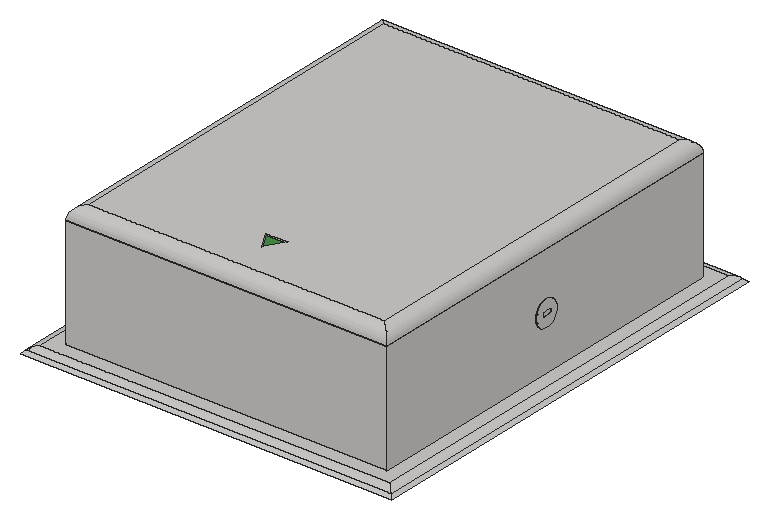
Revit family "Paper_Towel_Dispenser-Wall_Mounted-Bobrick-B-29744", category Specialty Equipment, host Face, Revit 2019
Family settings
  Host = Face
  Round Connector Dimension = Use Diameter
  Part Type = Normal
  OmniClass Number = 23.40.20.21
  OmniClass Title = Toilet and Bath Specialties
  Cut with Voids When Loaded = Yes
  Shared = No
  Room Calculation Point = No
Parameters (values of type "B-29744")
  Width = 14 5/8"
  URL = "https://www.bobrick.com/"
  Type Comments = "1-1/2\" to 2\" (38 to 51mm) diameter cores, up to 8\" (205mm) diameter, 8\" (205mm) wide, non-perforated, non-proprietary rolls. 800 ft (244 m) long."
  Shell Material = Stainless Steel-Bobrick-Satin
  Revised Date = "01/09/2023"  # constant formula
  Mounting Height Constraint = if(ADA, 63 17/32", Mounting Height)  # 63 17/32"
  Minimum Recessed Depth = 4"
  Product Page URL = "https://www.bobrick.com/products/washroom-accessories/washroom-accessories-catalog/product/b-29744/"
  Mounting Height = 63 17/32"
  Model = "B-29744"
  Material = "Stainless Steel-Bobrick-Satin"
  Manufacturer = "Bobrick Washroom Equipment, Inc."
  Keynote = ""
  Installation Type = "Recessed Wall Mounted"
  Height = 17 1/2"
  Flange Material = Stainless Steel-Bobrick-Satin
  Door Material = Stainless Steel-Bobrick-Satin
  Description = "Automatic, Universal Semi-Recessed Roll Towel Dispenser Equipped with LED Light"
  Default Elevation = 0"
  Capacity = "8\" Diameter 8\" Wide Paper Towel Roll"
  Cabinet Material = Stainless Steel-Bobrick-Satin
  Assembly Code = "C1030200"
  ADA Compliant = if(ADA, 1 > 0, 1 < 0)  # yes
  ADA = yes
  4 Alkaline “D” Cells (not included) = no
  3974-57 AC External Adapter (6V) = no
Reference planes (in)
  plane 1 "Center (Front/Back)": y = 13.80302
  plane 2: z = 0
  plane 3 "Center (Left/Right)": x = 0
  plane 4: x = -6.3125
  plane 5: x = 6.3125
  plane 6: z = 5.125
  plane 7: z = -4
  plane 8: y = 5.05302
  plane 9: y = 22.55302
  plane 10 "FF": y = -41.9626
  plane 11: y = 21.56865
  plane 12: x = -7.3125
  plane 13: x = 7.3125
  plane 14: y = 6.0374
Forms (in)
  Sweep 1, solid, material "Stainless Steel-Bobrick-Satin" <- "Cabinet Material"
    path origin (0, 0, 0) x (1, 0, 0) y (0, 1, 0)
      loop
        line (-7.3125, 5.05302) -> (7.3125, 5.05302) -> (7.3125, 22.55302) -> (-7.3125, 22.55302) -> (-7.3125, 5.05302)
    profile origin (-7.3125, 13.80302, 0) x (-1, 0, 0) y (0, 0, 1)
      loop
        line (0, 0) -> (-0.12093, 0.12093)
        arc (-0.12093, 0.12093) -> (-0.26389, 0.21646) -> (-0.43253, 0.25) r 0.44066
        line (-0.43253, 0.25) -> (-1, 0.25) -> (-1, 0) -> (0, 0)
      loop
        line (-1.03125, 0) -> (-5.07412, 0) -> (-5.07412, -0.43018) -> (-1.64561, -0.43018) -> (-1.03125, 0)
  Sweep 2, solid, material "Stainless Steel-Bobrick-Satin" <- "Cabinet Material"
    path origin (0, 0, 0) x (1, 0, 0) y (0, 1, 0)
      loop
        line (-6.3125, 6.05302) -> (6.3125, 6.05302) -> (6.3125, 21.56865) -> (-6.3125, 21.56865) -> (-6.3125, 6.05302)
    profile origin (-6.3125, 13.81084, 0) x (-1, 0, 0) y (0, 0, 1)
      loop
        line (0, 0) -> (0, 4.59065) -> (-0.04684, 4.59065) -> (-0.04684, 4.625) -> (0, 4.625)
        arc (0, 4.625) -> (-0.14645, 4.97855) -> (-0.5, 5.125) r 0.5
        line (-0.5, 5.125) -> (-1.5, 5.125) -> (-1.5, 0) -> (0, 0)
  Extrusion 3, solid, material "Stainless Steel-Bobrick-Satin" <- "Cabinet Material"
    sketch origin (0, 0, 0) x (1, 0, 0) y (0, 1, 0)
      loop
        line (-4.8125, 20.06865) -> (-4.8125, 7.55302) -> (4.8125, 7.55302) -> (4.8125, 20.06865) -> (-4.8125, 20.06865)
    from 0 to 5.125
  Extrusion 4, void
    sketch origin (0, 0, 0) x (1, 0, 0) y (0, 1, 0)
      loop
        line (-6.3125, 21.56865) -> (-6.3125, 6.0374) -> (6.3125, 6.0374) -> (6.3125, 21.56865) -> (-6.3125, 21.56865)
    from -4 to 0
  Extrusion 5, solid, material "Stainless Steel-Bobrick-Satin" <- "Flange Material"
    sketch origin (6.3125, 21.56865, 4.59065) x (0, -1, 0) y (0, 0, -1)
      loop
        circle (7.75781, 2.1875) r 0.5
      loop
        arc (7.60156, 2.29548) -> (7.49358, 2.1875) -> (7.60156, 2.07952) r 0.10798
        line (7.60156, 2.07952) -> (7.95621, 2.07952) -> (7.95621, 2.29548) -> (7.60156, 2.29548)
    from 0 to 0.06861
  Extrusion 6, void
    sketch origin (0, 0, 0) x (1, 0, 0) y (0, 1, 0)
      loop
        line (0, 7.7874) -> (0.43301, 8.5374) -> (-0.43301, 8.5374) -> (0, 7.7874)
    from 5.06805 to 5.125
Cuts and joins
  Extrusion 6 cuts Sweep 2
  Extrusion 6 cuts Extrusion 3
  joined: Sweep 2, Extrusion 3
  Extrusion 6 cuts Sweep 1
Lines and regions (in)
  Masking region 1
    outline origin (-6.3125, 21.56865, 4.59065) x (1, 0, 0) y (0, 0, -1)
      loop
        line (13.625, 4.59065) -> (-1, 4.59065) -> (-0.87814, 4.46879)
        arc (-0.87814, 4.46879) -> (-0.73621, 4.37395) -> (-0.56878, 4.34065) r 0.4375
        line (-0.56878, 4.34065) -> (0, 4.34065) -> (0, -0.03435)
        arc (0, -0.03435) -> (0.14645, -0.3879) -> (0.5, -0.53435) r 0.5
        line (0.5, -0.53435) -> (12.125, -0.53435)
        arc (12.125, -0.53435) -> (12.47855, -0.3879) -> (12.625, -0.03435) r 0.5
        line (12.625, -0.03435) -> (12.625, 1.6875) -> (12.69361, 1.6875) -> (12.69361, 2.6875) -> (12.625, 2.6875) -> (12.625, 4.34065) -> (13.19314, 4.34065)
        arc (13.19314, 4.34065) -> (13.36116, 4.37407) -> (13.50359, 4.46925) r 0.43905
        line (13.50359, 4.46925) -> (13.625, 4.59065)
  symbolic lines, detail levels medium+fine
    curve 1: line (-6.87997, 21.56865, 0.25) -> (6.87997, 21.56865, 0.25)
    curve 3: line (6.3125, 21.56865, 4.625) -> (-6.3125, 21.56865, 4.625)
  symbolic lines, detail levels fine
    curve 2: line (6.3125, 21.56865, 1.90315) -> (6.3125, 21.56865, 2.90315)
Dimensions and locks (in)
  equal spacing: plane 4, plane 3 "Center (Left/Right)", plane 5
  equal spacing: plane 9, plane 1 "Center (Front/Back)", plane 8
  "Height": plane 9 to plane 8
  locked: plane 6 to plane 7 at 9.125
  plane 6 to host face = 5 1/8"
  host face to plane 7 = 4"
  "Width": plane 12 to plane 13
  locked: plane 4 to plane 5 at 12.625
  equal spacing: plane 12, plane 3 "Center (Left/Right)", plane 13
  equal spacing: plane 11, plane 1 "Center (Front/Back)", plane 14
  locked: plane 14 to plane 11 at 15.53125
  "Mounting Height Constraint": plane 10 "FF" to plane 11
  aligned and locked: plane 2 to host face
  aligned and locked: level to host face
  aligned and locked: plane 12 to Sweep 1 sketch curve
  aligned and locked: plane 8 to Sweep 1 sketch curve
  aligned and locked: plane 13 to Sweep 1 sketch curve
  aligned and locked: Sweep 1 sketch curve to plane 9
  aligned and locked: plane 4 to Sweep 1 sketch curve
  aligned and locked: Sweep 2 sketch curve to Sweep 1  (x3)
  aligned and locked: plane 11 to Sweep 2 sketch curve
  aligned and locked: Extrusion 3 sketch curve to Sweep 2  (x4)
  aligned and locked: plane 6 to Extrusion 3
  aligned and locked: Extrusion 3 to level
  aligned and locked: plane 4 to Sweep 2 sketch curve
  aligned and locked: level to Sweep 2 sketch curve
  aligned and locked: Sweep 2 sketch curve to plane 6
  aligned and locked: plane 11 to Extrusion 4 sketch curve
  aligned and locked: plane 14 to Extrusion 4 sketch curve
  aligned and locked: plane 4 to Extrusion 4 sketch curve
  aligned and locked: Extrusion 4 sketch curve to plane 5
  aligned and locked: Extrusion 4 to plane 7
  aligned and locked: level to Extrusion 4
  aligned and locked: Masking region 1 sketch curve to Extrusion 5
  aligned and locked: curve 1 to cut or joined group of Sweep 1, Extrusion 6
  aligned and locked: curve 2 to Extrusion 5
  aligned and locked: Masking region 1 sketch curve to plane 6
  aligned and locked: curve 3 to cut or joined group of Sweep 2, Extrusion 3, Extrusion 6
Automatic sketch dimensions
  host sketch curve to host sketch curve = 96"  (x2)
  Sweep 1 sketch curve to level = 0"  (x2)
  Sweep 1 sketch curve to profile plane = 0"
  Sweep 1 sketch curve to Sweep 1 sketch curve = 1/32"
  Sweep 1 sketch curve to Sweep 1 sketch curve = 0.61436"
  Sweep 1 sketch curve to Sweep 1 sketch curve = 3.4285"
  level to Sweep 1 sketch curve = 1/4"
  profile plane to Sweep 1 sketch curve = 0.43253"
  profile plane to Sweep 1 sketch curve = 0.12093"
  Sweep 1 sketch curve to level = 0.19066"
  Sweep 1 sketch curve to Sweep 1 sketch curve = 0.43018"
  Extrusion 5 sketch curve to Extrusion 5 sketch curve = 0"
  Extrusion 5 sketch curve to Extrusion 5 sketch curve = 0.19839"
  Extrusion 5 sketch curve to Extrusion 5 sketch curve = 0.10798"
  Extrusion 5 sketch curve to Extrusion 5 sketch curve = 5/32"
  Sweep 2 to Extrusion 5 sketch curve = 7 77/128"
  Extrusion 6 sketch curve to plane 3 "Center (Left/Right)" = 0"
  plane 14 to Extrusion 6 sketch curve = 1 3/4"
  Extrusion 6 sketch curve to plane 3 "Center (Left/Right)" = 0.43301"
  plane 3 "Center (Left/Right)" to Extrusion 6 sketch curve = 0.43301"
  Extrusion 6 sketch curve to Extrusion 6 sketch curve = 3/4"
  Masking region 1 sketch curve to Sweep 2 = 0"  (x3)
  Sweep 2 to Masking region 1 sketch curve = 0"
  Masking region 1 sketch curve to Sweep 2 = 1/4"  (x2)
  Sweep 2 to Masking region 1 sketch curve = 0.56878"
  Masking region 1 sketch curve to Sweep 2 = 0.12186"
  Masking region 1 sketch curve to Masking region 1 sketch curve = 0.30936"
  Masking region 1 sketch curve to Masking region 1 sketch curve = 0.12186"
  Sweep 2 to Masking region 1 sketch curve = 0.56814"
  Masking region 1 sketch curve to Sweep 2 = 0.12141"
  Masking region 1 sketch curve to Masking region 1 sketch curve = 0.31045"
  Masking region 1 sketch curve to Masking region 1 sketch curve = 0.12141"
  Masking region 1 sketch curve to Masking region 1 sketch curve = 1"
  Masking region 1 to curve 1 = 0.56747"
  Masking region 1 to curve 1 = 0.49886"
  curve 2 to Masking region 1 = 0"  (x2)
  Extrusion 5 sketch curve to Sweep 2 = 2.07952"
  Sweep 2 to Masking region 1 sketch curve = 0.03435"  (x2)
  Masking region 1 sketch curve to Sweep 2 = 1 11/16"
  Masking region 1 to curve 3 = 0"
  curve 3 to Masking region 1 = 0"
  profile plane to Sweep 2 sketch curve = 0.04684"
  profile plane to Sweep 2 sketch curve = 1/2"
  profile plane to Sweep 2 sketch curve = 1 1/2"
  Sweep 2 sketch curve to profile plane = 0"
  Sweep 2 sketch curve to Sweep 2 sketch curve = 0.03435"
  radius of Extrusion 5 sketch curve = 1/2"
